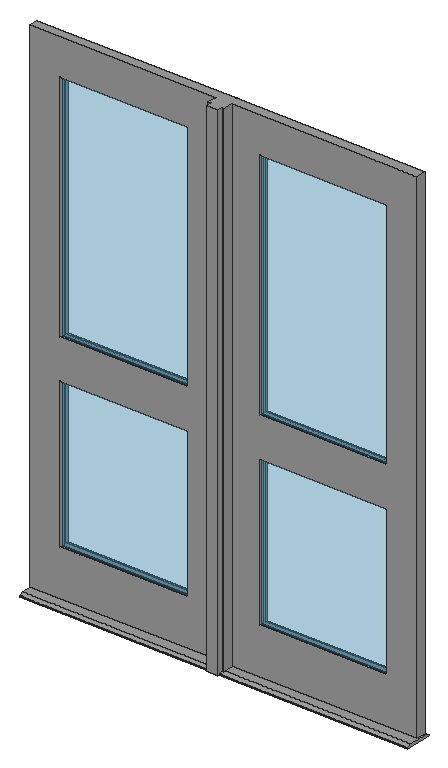
Revit family "PFM DOOR-Double-1-CHD-SF_v02", category Curtain Panels, Revit 2015
Parameters
  Width [instance] = 6' - 2"
  URL = "obe.com"
  Rough Width [instance] = 6' - 2"
  Offset [instance] = 0' - 0"
  Model = "PFM DOOR"
  Min Panel Width [instance] = if(Rough Width > 6' 1 255/256", Rough Width, 6' 2")  # 6' - 2"
  Manufacturer = "Oldcastle BuildingEnvelope®"
  Keynote = "08 11 00"
  Hinge [instance] = yes
  Height [instance] = 8' - 0"
  Glass Material = Glass
  Frame Material = Aluminum
  Door Panel Height [instance] = Height + 0' 0 1/8"  # 8' - 0 1/8"
  Description = "PerforMax Wide Stile Entrances - 1\" Door Infill"
  Assembly Code = "B2030"
  Analytic Construction = "<None>"
  6 Bottom Rail [instance] = yes
  10 Bottom Rail [instance] = not([6 Bottom Rail])  # no
Reference planes (in)
  plane 1 "Front": y = 0
  plane 2: z = 0
  plane 3 "Center (Left/Right)": x = 0
  plane 4 "Left": x = -37
  plane 5 "Right": x = 37
  plane 6 "Top": z = 96
  plane 7: x = -37
  plane 8: x = 37
Text (in)
  text "Exterior" at (-54.29358, 31.38743, 0), in view "Ref. Level"
  text "Exterior" at (480, 41.53993, 89.60405), in view "Right"
  text "Exterior" at (-240, 57.82419, 105.78864), in view "Left"
Dimensions and locks (in)
  equal spacing: plane 4 "Left", plane 3 "Center (Left/Right)", plane 5 "Right"
  "Width": plane 4 "Left" to plane 5 "Right"
  "Height": plane 6 "Top" to plane 2
  equal spacing: plane 7, plane 3 "Center (Left/Right)", plane 8
  "Min Panel Width": plane 7 to plane 8
  aligned and locked: level to plane 2
  aligned and locked: plane 3 "Center (Left/Right)" to nested 1
  aligned and locked: plane 1 "Front" to nested 1
Nested families (in)
  nested 1: "PFM DOOR-Double-1-CHD-Panel_v02" at (0, -18, 0), Frame Material <- "Frame Material", Glass Material <- "Glass Material", Hinge <- "Hinge", 6 Bottom Rail <- "6 Bottom Rail", Height <- "Door Panel Height", Width <- "Min Panel Width", Offset <- "Offset", type "PFM DOOR-Double-1-CHD-Panel_v02"
    with Wing Width 3' - 1", built-in parameter 1001301 6' - 2", Pushbar Height 3' - 5 1/4", Offset 0' - 0", Hinge yes, built-in parameter 1001300 8' - 0 1/8", Glass Material Glass, Frame Material Aluminum, Bottom Rail 0' - 8 29/32", 6 Bottom Rail yes, 10 Bottom Rail no
Definition of nested family "PFM DOOR-Double-1-CHD-Panel_v02"
  Parameters (values of type "PFM DOOR-Double-1-CHD-Panel_v02")
    Wing Width [instance] = Width / 2  # 3' - 0"
    Width [instance] = 6' - 0"
    Pushbar Height [instance] = 3' - 5 1/4"  # constant formula
    Offset [instance] = 0' - 3"
    Hinge [instance] = yes
    Height [instance] = 8' - 0"
    Glass Material [instance] = none
    Frame Material [instance] = none
    Bottom Rail [instance] = if([10 Bottom Rail], 0' 10 29/32", 0' 8 29/32")  # 0' - 8 29/32"
    Analytic Construction = "<None>"
    6 Bottom Rail [instance] = yes
    10 Bottom Rail [instance] = not([6 Bottom Rail])  # no
  Reference planes (in)
    plane 1 "00": y = 14.03125
    plane 2: z = 0
    plane 3 "Center (Left/Right)": x = 0
    plane 4: z = 96
    plane 5: x = -36
    plane 6: x = 36
    plane 7 "Center (Front/Back)": y = 18
    plane 8 "Exterior": y = 14.53125
    plane 9: z = 48
    plane 10: z = 8.90625
    plane 11: z = 89.531
    plane 12: z = 0
    plane 13: x = -30.4065
    plane 14: x = 30.4065
    plane 15 "Offset": y = 15
    plane 16: z = 41.25
    plane 17: z = 37.9685
    plane 18: z = 44.5315
  Forms (in)
    Sweep 1, solid, material <- "Frame Material"
      path origin (0, 14.03125, 0) x (1, 0, 0) y (0, 0, 1)
        loop
          line (-35.6875, 96) -> (-1, 96)
      profile origin (-18.34375, 14.03125, 96) x (0, 0, 1) y (0, -1, 0)
        loop
          line (-0.125, -0.875) -> (-0.125, 0.875) -> (-6.875, 0.875) -> (-6.875, 0.5) -> (-6.469, 0.5) -> (-6.469, -0.5) -> (-6.875, -0.5) -> (-6.875, -0.875) -> (-0.125, -0.875)
    Sweep 2, solid, material <- "Frame Material"
      path origin (0, 14.03125, 0) x (1, 0, 0) y (0, 0, 1)
        loop
          line (-1, 0) -> (-35.6875, 0)
      profile origin (-18.34375, 14.03125, 0) x (0, 0, -1) y (0, -1, 0)
        loop
          line (-4.93343, -0.875) -> (-0.6875, -0.875) -> (-0.6875, 0.875) -> (-4.93343, 0.875) -> (-9.4375, 0.875) -> (-9.4375, 0.5) -> (-8.90625, 0.5) -> (-8.90625, -0.5) -> (-9.4375, -0.5) -> (-9.4375, -0.875) -> (-4.93343, -0.875)
    Sweep 3, solid, material <- "Frame Material"
      path origin (0, 14.03125, 0) x (1, 0, 0) y (0, 0, 1)
        loop
          line (36, 95.875) -> (36, 0.6875)
      profile origin (36, 14.03125, 48.28125) x (0, -1, 0) y (1, 0, 0)
        loop
          line (-0.875, -0.3125) -> (-0.875, -6.0625) -> (-0.5, -6.0625) -> (-0.5, -5.5935) -> (0.5, -5.5935) -> (0.5, -6.0625) -> (0.875, -6.0625) -> (0.875, -0.3125) -> (-0.875, -0.3125)
    Sweep 4, solid, material <- "Frame Material"
      path origin (0, 14.03125, 0) x (1, 0, 0) y (0, 0, 1)
        loop
          line (-36, 95.875) -> (-36, 0.6875)
      profile origin (-36, 14.03125, 48.28125) x (0, -1, 0) y (1, 0, 0)
        loop
          line (-0.875, 6.0625) -> (-0.875, 0.3125) -> (0.875, 0.3125) -> (0.875, 6.0625) -> (0.5, 6.0625) -> (0.5, 5.5935) -> (-0.5, 5.5935) -> (-0.5, 6.0625) -> (-0.875, 6.0625)
    Sweep 5, solid, material <- "Frame Material"
      path origin (0, 14.03125, 0) x (1, 0, 0) y (0, 0, 1)
        loop
          line (0, 95.875) -> (0, 0.6875)
      profile origin (0, 14.03125, 48.28125) x (0, -1, 0) y (1, 0, 0)
        loop
          line (-0.875, -6.84375) -> (-0.5, -6.84375) -> (-0.5, -6.37475) -> (0.5, -6.37475) -> (0.5, -6.84375) -> (0.875, -6.84375) -> (0.875, -1) -> (-0.875, -1) -> (-0.875, -6.84375)
        loop
          line (0.875, 6.84375) -> (0.50073, 6.84375) -> (0.50073, 6.37475) -> (-0.49927, 6.37475) -> (-0.49927, 6.84375) -> (-0.875, 6.84375) -> (-0.875, 1) -> (0.875, 1) -> (0.875, 6.84375)
    Sweep 6, solid, material <- "Frame Material"
      path origin (0, 14.03125, 0) x (1, 0, 0) y (0, 0, 1)
        loop
          line (1, 96) -> (35.6875, 96)
      profile origin (18.34375, 14.03125, 96) x (0, 0, 1) y (0, -1, 0)
        loop
          line (-0.125, -0.875) -> (-0.125, 0.875) -> (-6.875, 0.875) -> (-6.875, 0.5) -> (-6.469, 0.5) -> (-6.469, -0.5) -> (-6.875, -0.5) -> (-6.875, -0.875) -> (-0.125, -0.875)
    Sweep 7, solid, material <- "Frame Material"
      path origin (0, 14.03125, 0) x (1, 0, 0) y (0, 0, 1)
        loop
          line (35.6875, 0) -> (1, 0)
      profile origin (18.34375, 14.03125, 0) x (0, 0, -1) y (0, -1, 0)
        loop
          line (-3.49593, -0.875) -> (-0.6875, -0.875) -> (-0.6875, 0.875) -> (-9.4375, 0.875) -> (-9.4375, 0.5) -> (-8.90625, 0.5) -> (-8.90625, -0.5) -> (-9.4375, -0.5) -> (-9.4375, -0.875) -> (-3.49593, -0.875)
    Extrusion 8, solid, material <- "Glass Material", detail levels medium+fine
      sketch origin (0, 0, 0) x (1, 0, 0) y (0, 1, 0)
        loop
          line (6.37475, 14.53125) -> (6.37475, 14.28325) -> (30.4065, 14.28325) -> (30.4065, 14.53125) -> (6.37475, 14.53125)
        loop
          line (30.4065, 13.53125) -> (30.4065, 13.77925) -> (6.37475, 13.77925) -> (6.37475, 13.53125) -> (30.4065, 13.53125)
      from 8.90625 to 37.9685
    Extrusion 9, solid, material <- "Glass Material", detail levels coarse
      sketch origin (0, 0, 0) x (1, 0, 0) y (0, 1, 0)
        loop
          line (6.37475, 14.53125) -> (6.37475, 13.53125) -> (30.4065, 13.53125) -> (30.4065, 14.53125) -> (6.37475, 14.53125)
      from 8.90625 to 37.9685
    Extrusion 10, solid, material <- "Glass Material", detail levels coarse
      sketch origin (0, 0, 0) x (1, 0, 0) y (0, 1, 0)
        loop
          line (-30.4065, 14.53125) -> (-30.4065, 13.53125) -> (-6.37475, 13.53125) -> (-6.37475, 14.53125) -> (-30.4065, 14.53125)
      from 8.90625 to 37.9685
    Extrusion 11, solid, material <- "Glass Material", detail levels medium+fine
      sketch origin (0, 0, 0) x (1, 0, 0) y (0, 1, 0)
        loop
          line (-30.4065, 14.53125) -> (-30.4065, 14.28325) -> (-6.37475, 14.28325) -> (-6.37475, 14.53125) -> (-30.4065, 14.53125)
        loop
          line (-30.4065, 13.77925) -> (-30.4065, 13.53125) -> (-6.37475, 13.53125) -> (-6.37475, 13.77925) -> (-30.4065, 13.77925)
      from 8.90625 to 37.9685
    Sweep 12, solid, material <- "Frame Material"
      path origin (0, 14.03125, 0) x (1, 0, 0) y (0, 0, 1)
        loop
          line (0, 95.875) -> (0, 0)
      profile origin (0, 14.03125, 47.9375) x (0, -1, 0) y (1, 0, 0)
        loop
          line (-1, -1) -> (0.875, -1) -> (0.875, -1.5) -> (2.641, -1.5) -> (2.641, -1) -> (3.54714, -1) -> (3.54714, 1) -> (2.641, 1) -> (2.641, 1.5) -> (0.875, 1.5) -> (0.875, 1) -> (-1, 1) -> (-1, -1)
    Extrusion 13, solid, material <- "Glass Material", detail levels medium+fine
      sketch origin (0, -2.5, 0) x (1, 0, 0) y (0, 1, 0)
        loop
          line (-30.4065, 16.27925) -> (-30.4065, 16.03125) -> (-6.37475, 16.03125) -> (-6.37475, 16.27925) -> (-30.4065, 16.27925)
        loop
          line (-30.4065, 17.03125) -> (-30.4065, 16.78325) -> (-6.37475, 16.78325) -> (-6.37475, 17.03125) -> (-30.4065, 17.03125)
      from 44.5315 to 89.531
    Extrusion 14, solid, material <- "Glass Material", detail levels coarse
      sketch origin (0, -6.5, 0) x (1, 0, 0) y (0, 1, 0)
        loop
          line (-30.4065, 20.03125) -> (-6.37475, 20.03125) -> (-6.37475, 21.03125) -> (-30.4065, 21.03125) -> (-30.4065, 20.03125)
      from 44.5315 to 89.531
    Extrusion 15, solid, material <- "Glass Material", detail levels medium+fine
      sketch origin (38, -2.5, 0) x (1, 0, 0) y (0, 1, 0)
        loop
          line (-31.62525, 16.27925) -> (-31.62525, 16.03125) -> (-7.5935, 16.03125) -> (-7.5935, 16.27925) -> (-31.62525, 16.27925)
        loop
          line (-31.62525, 17.03125) -> (-31.62525, 16.78325) -> (-7.5935, 16.78325) -> (-7.5935, 17.03125) -> (-31.62525, 17.03125)
      from 44.5315 to 89.531
    Extrusion 16, solid, material <- "Glass Material", detail levels coarse
      sketch origin (38, -6.5, 0) x (1, 0, 0) y (0, 1, 0)
        loop
          line (-31.62525, 21.03125) -> (-31.62525, 20.03125) -> (-7.5935, 20.03125) -> (-7.5935, 21.03125) -> (-31.62525, 21.03125)
      from 44.5315 to 89.531
    Sweep 17, solid, material <- "Frame Material"
      path origin (0, 14.03125, 0) x (1, 0, 0) y (0, 0, 1)
        loop
          line (-30.4065, 41.25) -> (-1.5, 41.25)
      profile origin (-15.95325, 14.03125, 41.25) x (0, 0, 1) y (0, -1, 0)
        loop
          line (3.2815, -0.5) -> (3.2815, 0.5) -> (3.8125, 0.5) -> (3.8125, 0.875) -> (-3.6875, 0.875) -> (-3.6875, 0.5) -> (-3.2815, 0.5) -> (-3.2815, -0.5) -> (-3.6875, -0.5) -> (-3.6875, -0.875) -> (3.8125, -0.875) -> (3.8125, -0.5) -> (3.2815, -0.5)
    Sweep 18, solid, material <- "Frame Material"
      path origin (48, 14.03125, 0) x (1, 0, 0) y (0, 0, 1)
        loop
          line (-46.5, 41.25) -> (-17.5935, 41.25)
      profile origin (15.95325, 14.03125, 41.25) x (0, 0, 1) y (0, -1, 0)
        loop
          line (3.2815, -0.5) -> (3.2815, 0.5) -> (3.8125, 0.5) -> (3.8125, 0.875) -> (-3.6875, 0.875) -> (-3.6875, 0.5) -> (-3.2815, 0.5) -> (-3.2815, -0.5) -> (-3.6875, -0.5) -> (-3.6875, -0.875) -> (3.8125, -0.875) -> (3.8125, -0.5) -> (3.2815, -0.5)
    Sweep 19, solid, material <- "Frame Material"
      path origin (0, 15, 0) x (1, 0, 0) y (0, 0, 1)
        loop
          line (35.6875, 0) -> (1, 0)
      profile origin (18.34375, 15, 0) x (0, 0, -1) y (0, -1, 0)
        loop
          line (-0.5, -0.09375) -> (-0.13357, -0.82661)
          arc (-0.13357, -0.82661) -> (-0.12214, -0.83912) -> (-0.10584, -0.84375) r 0.031
          line (-0.10584, -0.84375) -> (0, -0.84375) -> (0, 4.15625) -> (-0.10584, 4.15625)
          arc (-0.10584, 4.15625) -> (-0.12214, 4.15162) -> (-0.13357, 4.13911) r 0.031
          line (-0.13357, 4.13911) -> (-0.5, 3.40625) -> (-0.5, -0.09375)
    Sweep 20, solid, material <- "Frame Material"
      path origin (0, 15, 0) x (1, 0, 0) y (0, 0, 1)
        loop
          line (-1, 0) -> (-35.6875, 0)
      profile origin (-18.34375, 15, 0) x (0, 0, -1) y (0, -1, 0)
        loop
          line (-0.5, -0.09375) -> (-0.13357, -0.82661)
          arc (-0.13357, -0.82661) -> (-0.12214, -0.83912) -> (-0.10584, -0.84375) r 0.031
          line (-0.10584, -0.84375) -> (0, -0.84375) -> (0, 4.15625) -> (-0.10584, 4.15625)
          arc (-0.10584, 4.15625) -> (-0.12214, 4.15162) -> (-0.13357, 4.13911) r 0.031
          line (-0.13357, 4.13911) -> (-0.5, 3.40625) -> (-0.5, -0.09375)
  Cuts and joins
    joined: Sweep 1, Sweep 2, Sweep 3, Sweep 4, Sweep 5, Sweep 6, Sweep 7, Sweep 12, Sweep 17, Sweep 18, Sweep 19, Sweep 20
  Lines and regions (in)
    model lines
      curve 1: line (5.15641, 14.53125, 89.531) -> (29.969, 14.53125, 48.02216)
      curve 2: line (29.969, 14.53125, 48.02216) -> (5.15641, 14.53125, 8.90625)
      curve 3: line (-5.15965, 14.53125, 89.531) -> (-29.969, 14.53125, 48)
      curve 4: line (-29.969, 14.53125, 48) -> (-5.15965, 14.53125, 8.90625)
  Dimensions and locks (in)
    "Height": plane 4 to level
    equal spacing: plane 5, plane 3 "Center (Left/Right)", plane 6
    "Offset": plane 15 "Offset" to plane 7 "Center (Front/Back)"
    equal spacing: level, plane 9, plane 4
    locked: plane 3 "Center (Left/Right)" to Sweep 2 sketch curve at 1
    locked: Sweep 3 sketch curve to plane 4 at 0.125
    locked: Sweep 4 sketch curve to plane 4 at 0.125
    locked: plane 3 "Center (Left/Right)" to Sweep 1 sketch curve at 1
    locked: Sweep 6 sketch curve to plane 3 "Center (Left/Right)" at 1
    locked: Sweep 5 sketch curve to plane 4 at 0.125
    locked: Sweep 7 sketch curve to plane 10 at 0.53125  (x2)
    locked: Sweep 2 sketch curve to plane 10 at 0.53125  (x2)
    equal spacing: plane 4, plane 9, plane 12
    locked: plane 4 to plane 11 at 6.469
    Extrusion 11 sketch curve to Extrusion 11 sketch curve to plane 1 "00" to Extrusion 11 sketch curve to Extrusion 11 sketch curve = 0' - 0.248" locked, 0' - 0.252" locked, 0' - 0.252" locked, 0' - 0.248" locked
    Extrusion 10 sketch curve to plane 1 "00" to Extrusion 10 sketch curve = 0' - 0 1/2" locked, 0' - 0 1/2" locked
    Extrusion 9 sketch curve to plane 1 "00" to Extrusion 9 sketch curve = 0' - 0 1/2" locked, 0' - 0 1/2" locked
    Extrusion 8 sketch curve to Extrusion 8 sketch curve to plane 1 "00" to Extrusion 8 sketch curve to Extrusion 8 sketch curve = 0' - 0.248" locked, 0' - 0.252" locked, 0' - 0.252" locked, 0' - 0.248" locked
    "Bottom Rail": plane 10 to plane 12
    plane 3 "Center (Left/Right)" to Extrusion 8 sketch curve = 0' - 6.37475"  (x2)
    "Width": plane 5 to plane 6
    locked: plane 6 to Sweep 7 sketch curve at 0.3125
    locked: Sweep 2 sketch curve to plane 5 at 0.3125
    locked: Sweep 7 sketch curve to plane 3 "Center (Left/Right)" at 1
    locked: plane 14 to plane 6 at 5.5935
    locked: plane 5 to plane 13 at 5.5935
    locked: plane 4 to Sweep 12 sketch curve at 0.125
    locked: Sweep 1 sketch curve to plane 5 at 0.3125
    locked: plane 6 to Sweep 6 sketch curve at 0.3125
    locked: plane 11 to Sweep 1 sketch curve at 0.406  (x2)
    equal spacing: plane 18, plane 16, plane 17
    locked: plane 18 to plane 17 at 6.563
    "Pushbar Height": plane 16 to plane 12
    Extrusion 14 sketch curve to plane 1 "00" to Extrusion 14 sketch curve = 0' - 0 1/2" locked, 0' - 0 1/2" locked
    plane 1 "00" to plane 8 "Exterior" to plane 15 "Offset" = 0' - 0 1/2" locked, 0' - 0 15/32" locked
    locked: plane 3 "Center (Left/Right)" to Sweep 17 sketch curve at 1.5
    locked: Sweep 18 sketch curve to plane 3 "Center (Left/Right)" at 1.5
    locked: plane 6 to Sweep 19 sketch curve at 0.3125
    locked: Sweep 19 sketch curve to plane 3 "Center (Left/Right)" at 1
    locked: Sweep 20 sketch curve to plane 5 at 0.3125
    locked: plane 3 "Center (Left/Right)" to Sweep 20 sketch curve at 1
    locked: plane 12 to Sweep 4 sketch curve at 0.6875
    locked: plane 12 to Sweep 5 sketch curve at 0.6875
    locked: plane 12 to Sweep 3 sketch curve at 0.6875
    aligned and locked: plane 2 to level
    aligned and locked: plane 3 "Center (Left/Right)" to nested 1
    aligned and locked: Sweep 1 sketch curve to plane 4
    aligned and locked: Sweep 2 sketch curve to level
    aligned and locked: level to nested 2
    aligned and locked: nested 2 to plane 1 "00"
    aligned and locked: plane 3 "Center (Left/Right)" to Sweep 5 sketch curve
    aligned and locked: Sweep 7 sketch curve to level
    aligned and locked: plane 4 to Sweep 6 sketch curve
    aligned and locked: Sweep 6 sketch curve to plane 11
    aligned and locked: plane 10 to Sweep 2 sketch curve
    aligned and locked: Sweep 1 sketch curve to plane 11
    aligned and locked: plane 9 to curve 4
    aligned and locked: Extrusion 8 to plane 10
    aligned and locked: Extrusion 9 to plane 10
    aligned and locked: Sweep 4 sketch curve to plane 5
    aligned and locked: Sweep 3 sketch curve to plane 6
    aligned and locked: plane 14 to Extrusion 9
    aligned and locked: plane 14 to Extrusion 8  (x2)
    aligned and locked: Sweep 12 sketch curve to plane 3 "Center (Left/Right)"
    aligned and locked: plane 12 to Sweep 12 sketch curve
    aligned and locked: Extrusion 10 to plane 10
    aligned and locked: Extrusion 11 to plane 10
    aligned and locked: Extrusion 11 to plane 13
    aligned and locked: Extrusion 10 to plane 13
    aligned and locked: plane 1 "00" to nested 1
    aligned and locked: plane 17 to Extrusion 10
    aligned and locked: plane 17 to Extrusion 11
    aligned and locked: plane 17 to Extrusion 9
    aligned and locked: plane 17 to Extrusion 8
    aligned and locked: Sweep 3 sketch curve to plane 14
    aligned and locked: Extrusion 13 to plane 18
    aligned and locked: Extrusion 14 to plane 18
    aligned and locked: plane 18 to nested 2
    aligned and locked: Extrusion 13 sketch curve to plane 13  (x2)
    aligned and locked: plane 14 to Extrusion 16 sketch curve
    aligned and locked: plane 14 to Extrusion 15 sketch curve  (x2)
    aligned and locked: Sweep 17 sketch curve to plane 18
    aligned and locked: plane 17 to Sweep 17 sketch curve
    aligned and locked: Sweep 17 sketch curve to plane 16
    aligned and locked: Sweep 18 sketch curve to plane 16
    aligned and locked: plane 11 to Extrusion 14
    aligned and locked: plane 11 to Extrusion 13
    aligned and locked: plane 11 to Extrusion 16
    aligned and locked: plane 11 to Extrusion 15
    aligned and locked: plane 14 to Sweep 18 sketch curve
    aligned and locked: plane 13 to Sweep 17 sketch curve
    aligned and locked: Sweep 19 sketch curve to plane 12
    aligned and locked: Sweep 20 sketch curve to plane 12
  Automatic sketch dimensions
    profile plane to Sweep 1 sketch curve = 0' - 0 1/8"
    Sweep 1 sketch curve to plane 1 "00" = 0' - 0 7/8"
    Sweep 1 sketch curve to Sweep 1 sketch curve = 0' - 0 3/8"
    plane 1 "00" to Sweep 1 sketch curve = 0' - 0 1/2"
    plane 1 "00" to Sweep 1 sketch curve = 0' - 0 7/8"
    Sweep 2 sketch curve to plane 1 "00" = 0' - 0 7/8"
    Sweep 2 sketch curve to Sweep 2 sketch curve = 0' - 3.97282"
    Sweep 2 sketch curve to Sweep 2 sketch curve = 0' - 0"
    Sweep 2 sketch curve to plane 1 "00" = 0' - 0 1/2"
    plane 1 "00" to Sweep 2 sketch curve = 0' - 0 1/2"
    Sweep 2 sketch curve to Sweep 2 sketch curve = 0' - 0 3/8"
    Sweep 5 sketch curve to plane 1 "00" = 0' - 0 7/8"  (x2)
    Sweep 5 sketch curve to Sweep 5 sketch curve = 0' - 0 3/8"
    Sweep 5 sketch curve to plane 1 "00" = 0' - 0.49927"
    plane 1 "00" to Sweep 5 sketch curve = 0' - 0 1/2"
    plane 1 "00" to Sweep 5 sketch curve = 0' - 0.50073"
    Sweep 5 sketch curve to Sweep 5 sketch curve = 0' - 0.37427"
    plane 1 "00" to Sweep 5 sketch curve = 0' - 0 7/8"
    profile plane to Sweep 5 sketch curve = 0' - 6 27/32"
    Sweep 5 sketch curve to Sweep 5 sketch curve = 0' - 0"
    Sweep 5 sketch curve to Sweep 5 sketch curve = 0' - 0.469"  (x3)
    profile plane to Sweep 5 sketch curve = 0' - 1"
    Sweep 5 sketch curve to profile plane = 0' - 1"
    Sweep 5 sketch curve to Sweep 5 sketch curve = 0' - 5.37475"
    Sweep 6 sketch curve to Sweep 6 sketch curve = 0' - 0.406"  (x2)
    profile plane to Sweep 6 sketch curve = 0' - 0 1/8"
    Sweep 6 sketch curve to plane 1 "00" = 0' - 0 7/8"
    Sweep 6 sketch curve to Sweep 6 sketch curve = 0' - 0 3/8"
    plane 1 "00" to Sweep 6 sketch curve = 0' - 0 1/2"
    plane 1 "00" to Sweep 6 sketch curve = 0' - 0 7/8"
    Sweep 7 sketch curve to Sweep 7 sketch curve = 0' - 0 17/32"
    Sweep 7 sketch curve to plane 1 "00" = 0' - 0 7/8"
    profile plane to Sweep 7 sketch curve = 0' - 3.49593"
    Sweep 7 sketch curve to plane 1 "00" = 0' - 0 1/2"
    plane 1 "00" to Sweep 7 sketch curve = 0' - 0 1/2"
    Sweep 7 sketch curve to Sweep 7 sketch curve = 0' - 0 3/8"
    Extrusion 8 sketch curve to plane 14 = 0' - 0"  (x2)
    Extrusion 9 sketch curve to plane 14 = 0' - 0"
    plane 3 "Center (Left/Right)" to Extrusion 9 sketch curve = 0' - 6.37475"
    Extrusion 10 sketch curve to plane 13 = 0' - 0"
    Extrusion 10 sketch curve to plane 3 "Center (Left/Right)" = 0' - 6.37475"
    Extrusion 11 sketch curve to plane 13 = 0' - 0"  (x2)
    Extrusion 11 sketch curve to plane 3 "Center (Left/Right)" = 0' - 6.37475"
    Extrusion 11 sketch curve to Extrusion 11 sketch curve = 0' - 0"
    curve 3 to plane 11 = 0' - 0"
    curve 4 to plane 10 = 0' - 0"
    curve 2 to plane 10 = 0' - 0"
    curve 1 to plane 11 = 0' - 0"
    plane 13 to curve 4 = 0' - 0 7/16"
    plane 9 to curve 2 = 0' - 0.02216"
    curve 2 to plane 14 = 0' - 0 7/16"
    curve 3 to plane 3 "Center (Left/Right)" = 0' - 5.15965"
    curve 4 to plane 3 "Center (Left/Right)" = 0' - 5.15965"
    plane 3 "Center (Left/Right)" to curve 2 = 0' - 5.15641"
    plane 3 "Center (Left/Right)" to curve 1 = 0' - 5.15641"
    Sweep 12 sketch curve to plane 1 "00" = 0' - 1"
    plane 1 "00" to Sweep 12 sketch curve = 0' - 0 7/8"  (x2)
    Sweep 12 sketch curve to Sweep 12 sketch curve = 0' - 1.766"  (x2)
    Sweep 12 sketch curve to Sweep 12 sketch curve = 0' - 0.90614"
    profile plane to Sweep 12 sketch curve = 0' - 1 1/2"
    Sweep 12 sketch curve to Sweep 12 sketch curve = 0' - 0 1/2"  (x3)
    Sweep 12 sketch curve to profile plane = 0' - 1"  (x2)
    plane 8 "Exterior" to Extrusion 13 sketch curve = 0' - 0"
    plane 1 "00" to Extrusion 13 sketch curve = 0' - 0.252"
    Extrusion 13 sketch curve to plane 3 "Center (Left/Right)" = 0' - 6.37475"
    plane 8 "Exterior" to Extrusion 13 sketch curve = 0' - 0.248"
    Extrusion 13 sketch curve to Extrusion 13 sketch curve = 0' - 0"
    Extrusion 13 sketch curve to Extrusion 13 sketch curve = 0' - 0.248"
    Extrusion 14 sketch curve to plane 13 = 0' - 0"
    Extrusion 14 sketch curve to plane 3 "Center (Left/Right)" = 0' - 6.37475"
    plane 8 "Exterior" to Extrusion 15 sketch curve = 0' - 0"
    plane 3 "Center (Left/Right)" to Extrusion 15 sketch curve = 0' - 6.37475"
    plane 1 "00" to Extrusion 15 sketch curve = 0' - 0.252"
    Extrusion 15 sketch curve to Extrusion 15 sketch curve = 0' - 0"
    Extrusion 15 sketch curve to Extrusion 15 sketch curve = 0' - 0.248"  (x2)
    plane 8 "Exterior" to Extrusion 16 sketch curve = 0' - 0"
    plane 3 "Center (Left/Right)" to Extrusion 16 sketch curve = 0' - 6.37475"
    plane 1 "00" to Extrusion 16 sketch curve = 0' - 0 1/2"
    Sweep 17 sketch curve to Sweep 17 sketch curve = 0' - 0.406"  (x2)
    Sweep 17 sketch curve to Sweep 17 sketch curve = 0' - 0.531"  (x2)
    Sweep 17 sketch curve to plane 1 "00" = 0' - 0 7/8"
    Sweep 17 sketch curve to Sweep 17 sketch curve = 0' - 0 3/8"  (x3)
    plane 1 "00" to Sweep 17 sketch curve = 0' - 0 1/2"  (x2)
    plane 1 "00" to Sweep 18 sketch curve = 0' - 0 7/8"
    profile plane to Sweep 18 sketch curve = 0' - 3 11/16"
    Sweep 18 sketch curve to Sweep 18 sketch curve = 0' - 0"
    Sweep 18 sketch curve to Sweep 18 sketch curve = 0' - 0.406"
    plane 1 "00" to Sweep 18 sketch curve = 0' - 0 1/2"
    Sweep 18 sketch curve to profile plane = 0' - 3.2815"
    Sweep 18 sketch curve to Sweep 18 sketch curve = 0' - 0.531"  (x2)
    Sweep 18 sketch curve to Sweep 18 sketch curve = 0' - 0 3/8"  (x2)
    Sweep 18 sketch curve to plane 1 "00" = 0' - 0 1/2"  (x2)
    profile plane to Sweep 3 sketch curve = 0' - 0 5/16"
    Sweep 3 sketch curve to plane 1 "00" = 0' - 0 7/8"
    Sweep 3 sketch curve to plane 1 "00" = 0' - 0 1/2"
    plane 1 "00" to Sweep 3 sketch curve = 0' - 0 1/2"
    plane 1 "00" to Sweep 3 sketch curve = 0' - 0 7/8"
    Sweep 3 sketch curve to Sweep 3 sketch curve = 0' - 0.469"  (x2)
    Sweep 4 sketch curve to plane 1 "00" = 0' - 0 7/8"
    Sweep 4 sketch curve to Sweep 4 sketch curve = 0' - 0 3/8"  (x2)
    plane 1 "00" to Sweep 4 sketch curve = 0' - 0 1/2"
    Sweep 4 sketch curve to profile plane = 0' - 0 5/16"
    Sweep 4 sketch curve to Sweep 4 sketch curve = 0' - 5.281"
    Sweep 4 sketch curve to Sweep 4 sketch curve = 0' - 0.469"  (x2)
    Sweep 17 sketch curve to plane 13 = 0' - 0"
    profile plane to Sweep 2 sketch curve = 0' - 0 11/16"
    profile plane to Sweep 7 sketch curve = 0' - 0 11/16"
    Sweep 19 sketch curve to plane 15 "Offset" = 0' - 0 3/32"
    profile plane to Sweep 19 sketch curve = 0' - 0 1/2"
    profile plane to Sweep 19 sketch curve = 0' - 0.13357"  (x2)
    Sweep 19 sketch curve to Sweep 19 sketch curve = 0' - 0.73286"  (x2)
    plane 15 "Offset" to Sweep 19 sketch curve = 0' - 3 13/32"
    Sweep 19 sketch curve to Sweep 19 sketch curve = 0' - 0.02773"  (x2)
    Sweep 19 sketch curve to Sweep 19 sketch curve = 0' - 0.01714"  (x2)
    Sweep 19 sketch curve to profile plane = 0' - 0"
    profile plane to Sweep 20 sketch curve = 0' - 0 1/2"
    plane 15 "Offset" to Sweep 20 sketch curve = 0' - 3 13/32"
    profile plane to Sweep 20 sketch curve = 0' - 0.13357"  (x2)
    Sweep 20 sketch curve to plane 15 "Offset" = 0' - 0 3/32"
    Sweep 20 sketch curve to Sweep 20 sketch curve = 0' - 0.73286"  (x2)
    Sweep 20 sketch curve to Sweep 20 sketch curve = 0' - 0.02773"  (x2)
    Sweep 20 sketch curve to Sweep 20 sketch curve = 0' - 0.01386"
    Sweep 20 sketch curve to profile plane = 0' - 0"
    Sweep 20 sketch curve to Sweep 20 sketch curve = 0' - 0.01714"
  Nested families (in)
    nested 1: "PFM DOOR-Double-1-CHD-Plan View" at (0, 14.03125, 0), Wing Width <- "Wing Width", Hinge <- "Hinge", type "PFM DOOR-Double-1-CHD-Plan View"
      with Wing Width 3' - 0", Width 6' - 0", Hinge yes
    nested 2: "PFM DOOR-Double-1-CHD-Section" at (0, 14.03125, 0) x (0, -1, 0) z (1, 0, 0), Height <- "Height", 6 Bottom Rail <- "6 Bottom Rail", type "PFM DOOR-Double-1-CHD-Section"
      with Pushbar Height 3' - 5 1/4", Height 8' - 0", Bottom Rail 0' - 8 29/32", 6 Bottom Rail yes, 10 Bottom Rail no
  Definition of nested family "PFM DOOR-Double-1-CHD-Plan View"
    Parameters (values of type "PFM DOOR-Double-1-CHD-Plan View")
      Wing Width [instance] = 3' - 0"
      Width [instance] = Wing Width * 2  # 6' - 0"
      Hinge [instance] = yes
    Reference planes (in)
      plane 1 "Center (Front/Back)": y = 0
      plane 2: z = 0
      plane 3 "Center (Left/Right)": x = 0
      plane 4: x = -36
      plane 5: x = 36
      plane 6: x = -34.57445
      plane 7: x = 34.57445
      plane 8: y = 36
      plane 9: y = 29.62525
    Lines and regions (in)
      detail lines, in view "Ref. Level"
        curve 1: line (-35.07447, 29.62525, 0) -> (-35.07447, 6.79079, 0)
        curve 10: line (-34.07447, 29.62525, 0) -> (-34.07447, 6.79079, 0)
        curve 19: line (34.07445, 29.62525, 0) -> (34.07445, 7.01455, 0)
        curve 28: line (35.07445, 29.62525, 0) -> (35.07445, 7.01455, 0)
        curve 29: arc (-1.09375, 0.875, 0) -> (-11.4248, 24.80467, 0) -> (-35.44945, 34.91287, 0) r 34.91722
        curve 30: arc (1.09375, 0.875, 0) -> (11.30344, 24.68384, 0) -> (35.10702, 34.90579, 0) r 34.91722
      detail lines, in view "Ref. Level", detail levels fine
        curve 2: line (-35.01247, 29.62525, 0) -> (-35.01247, 6.79079, 0)
        curve 3: line (-34.95047, 29.62525, 0) -> (-34.95047, 6.79079, 0)
        curve 4: line (-34.88847, 29.62525, 0) -> (-34.88847, 6.79079, 0)
        curve 7: line (-34.26047, 29.62525, 0) -> (-34.26047, 6.79079, 0)
        curve 8: line (-34.19847, 29.62525, 0) -> (-34.19847, 6.79079, 0)
        curve 9: line (-34.13647, 29.62525, 0) -> (-34.13647, 6.79079, 0)
        curve 20: line (34.13645, 29.62525, 0) -> (34.13645, 7.01455, 0)
        curve 21: line (34.19845, 29.62525, 0) -> (34.19845, 7.01455, 0)
        curve 22: line (34.26045, 29.62525, 0) -> (34.26045, 7.01455, 0)
        curve 25: line (34.88845, 29.62525, 0) -> (34.88845, 7.01455, 0)
        curve 26: line (34.95045, 29.62525, 0) -> (34.95045, 7.01455, 0)
        curve 27: line (35.01245, 29.62525, 0) -> (35.01245, 7.01455, 0)
      detail lines, in view "Ref. Level", detail levels medium+fine
        curve 5: line (-34.82647, 29.62525, 0) -> (-34.82647, 6.79079, 0)
        curve 6: line (-34.32247, 29.62525, 0) -> (-34.32247, 6.79079, 0)
        curve 23: line (34.32245, 29.62525, 0) -> (34.32245, 7.01455, 0)
        curve 24: line (34.82645, 29.62525, 0) -> (34.82645, 7.01455, 0)
      detail lines, in view "Ref. Level", not visible
        curve 11: line (-30.87803, 0.5, 0) -> (-6.37475, 0.5, 0)
        curve 12: line (-30.87803, -0.252, 0) -> (-6.37475, -0.252, 0)
        curve 13: line (-30.87803, -0.5, 0) -> (-6.37475, -0.5, 0)
        curve 14: line (-30.87803, 0.252, 0) -> (-6.37475, 0.252, 0)
        curve 15: line (6.37475, 0.5, 0) -> (30.87803, 0.5, 0)
        curve 16: line (30.87803, 0.252, 0) -> (6.37475, 0.252, 0)
        curve 17: line (6.37475, -0.252, 0) -> (30.87803, -0.252, 0)
        curve 18: line (30.87803, -0.5, 0) -> (6.37475, -0.5, 0)
    Dimensions and locks (in)
      equal spacing: plane 4, plane 3 "Center (Left/Right)", plane 5
      "Width": plane 4 to plane 5
      "Wing Width": plane 1 "Center (Front/Back)" to plane 8
      locked: plane 9 to plane 8 at 6.37475
      plane 7 to plane 5 to nested 8 to nested 11 = 0' - 1.42555" locked, 0' - 0 25/32" locked, 0' - 1 15/32" locked
      nested 10 to nested 1 to plane 4 to plane 6 = 0' - 1 15/32" locked, 0' - 0 25/32" locked, 0' - 1.42555" locked
      plane 1 "Center (Front/Back)" to nested 10 to nested 2 = 0' - 0.05995" locked, 0' - 0.3561" locked
      plane 1 "Center (Front/Back)" to nested 11 to nested 9 = 0' - 0.05995" locked, 0' - 0.35592" locked
      aligned and locked: plane 1 "Center (Front/Back)" to nested 1
      aligned and locked: nested 3 to plane 3 "Center (Left/Right)"
      aligned and locked: plane 1 "Center (Front/Back)" to nested 3
      aligned and locked: plane 1 "Center (Front/Back)" to nested 5
      aligned and locked: plane 1 "Center (Front/Back)" to nested 4
      aligned and locked: nested 6 to plane 6
      aligned and locked: plane 7 to nested 7
      aligned and locked: plane 6 to nested 2
      aligned and locked: plane 8 to nested 6
      aligned and locked: nested 4 to plane 3 "Center (Left/Right)"
      aligned and locked: nested 5 to plane 3 "Center (Left/Right)"
      aligned and locked: nested 7 to plane 8
      aligned and locked: nested 9 to plane 7
    Automatic sketch dimensions
      plane 1 "Center (Front/Back)" to curve 29 = 0' - 0"
      curve 29 to plane 4 = 0' - 0"
      plane 9 to curve 1 = 0' - 0"
      plane 9 to curve 2 = 0' - 0"
      plane 9 to curve 3 = 0' - 0"
      plane 9 to curve 4 = 0' - 0"
      plane 9 to curve 5 = 0' - 0"
      plane 9 to curve 6 = 0' - 0"
      plane 9 to curve 7 = 0' - 0"
      plane 9 to curve 8 = 0' - 0"
      plane 9 to curve 9 = 0' - 0"
      plane 9 to curve 10 = 0' - 0"
      plane 9 to curve 19 = 0' - 0"
      plane 9 to curve 20 = 0' - 0"
      plane 9 to curve 21 = 0' - 0"
      plane 9 to curve 22 = 0' - 0"
      plane 9 to curve 23 = 0' - 0"
      plane 9 to curve 24 = 0' - 0"
      plane 9 to curve 25 = 0' - 0"
      plane 9 to curve 26 = 0' - 0"
      plane 9 to curve 27 = 0' - 0"
      plane 9 to curve 28 = 0' - 0"
      plane 1 "Center (Front/Back)" to curve 30 = 0' - 0"
      curve 30 to plane 5 = 0' - 0"
      plane 4 to curve 29 = 0' - 0.55055"
      plane 6 to curve 1 = 0' - 0 1/2"
      curve 1 to curve 2 = 0' - 0.062"
      curve 2 to curve 3 = 0' - 0.062"
      curve 3 to curve 4 = 0' - 0.062"
      curve 4 to curve 5 = 0' - 0.062"
      curve 6 to plane 6 = 0' - 0.25198"
      curve 6 to curve 7 = 0' - 0.062"
      curve 7 to curve 8 = 0' - 0.062"
      curve 8 to curve 9 = 0' - 0.062"
      curve 9 to curve 10 = 0' - 0.062"
      plane 1 "Center (Front/Back)" to curve 13 = 0' - 0 1/2"
      curve 13 to plane 6 = 0' - 3.69642"
      curve 11 to plane 1 "Center (Front/Back)" = 0' - 0 1/2"
      curve 11 to curve 13 = 0' - 0"
      curve 14 to curve 11 = 0' - 0"
      curve 12 to curve 13 = 0' - 0"
      plane 1 "Center (Front/Back)" to curve 12 = 0' - 0.252"
      curve 12 to plane 3 "Center (Left/Right)" = 0' - 6.37475"
      curve 13 to curve 12 = 0' - 0"
      curve 14 to plane 1 "Center (Front/Back)" = 0' - 0.252"
      curve 14 to curve 12 = 0' - 0"
      curve 11 to curve 14 = 0' - 0"
      curve 29 to plane 3 "Center (Left/Right)" = 0' - 1 3/32"
      plane 3 "Center (Left/Right)" to curve 30 = 0' - 1 3/32"
      plane 1 "Center (Front/Back)" to curve 18 = 0' - 0 1/2"
      curve 30 to curve 18 = 0' - 5.281"
      curve 16 to plane 1 "Center (Front/Back)" = 0' - 0.252"
      curve 16 to curve 18 = 0' - 0"
      curve 15 to curve 16 = 0' - 0"  (x2)
      curve 17 to curve 18 = 0' - 0"  (x2)
      plane 7 to curve 18 = 0' - 3.69642"
      curve 16 to curve 17 = 0' - 0"
      plane 7 to curve 19 = 0' - 0 1/2"
      curve 19 to curve 20 = 0' - 0.062"
      curve 20 to curve 21 = 0' - 0.062"
      curve 21 to curve 22 = 0' - 0.062"
      curve 22 to curve 23 = 0' - 0.062"
      curve 24 to plane 7 = 0' - 0.252"
      curve 24 to curve 25 = 0' - 0.062"
      curve 25 to curve 26 = 0' - 0.062"
      curve 26 to curve 27 = 0' - 0.062"
      curve 27 to curve 28 = 0' - 0.062"
      curve 30 to plane 5 = 0' - 0.89298"
      curve 18 to curve 17 = 0' - 0.248"
      curve 16 to curve 15 = 0' - 0.248"
      curve 29 to plane 1 "Center (Front/Back)" = 0' - 0 7/8"
      curve 30 to plane 1 "Center (Front/Back)" = 0' - 0 7/8"
      curve 10 to plane 1 "Center (Front/Back)" = 0' - 6.79079"
      curve 10 to curve 6 = 0' - 0"
      curve 6 to curve 5 = 0' - 0"
      curve 5 to curve 1 = 0' - 0"
      curve 5 to curve 4 = 0' - 0"
      curve 28 to plane 1 "Center (Front/Back)" = 0' - 7.01455"
      curve 10 to curve 9 = 0' - 0"
      curve 27 to curve 28 = 0' - 0"
      curve 9 to curve 8 = 0' - 0"
      curve 26 to curve 27 = 0' - 0"
      curve 4 to curve 3 = 0' - 0"
      curve 7 to curve 6 = 0' - 0"
      curve 25 to curve 26 = 0' - 0"
      curve 24 to curve 25 = 0' - 0"
      curve 23 to curve 24 = 0' - 0"
      curve 22 to curve 23 = 0' - 0"
      curve 21 to curve 22 = 0' - 0"
      curve 19 to curve 21 = 0' - 0"
      curve 20 to curve 21 = 0' - 0"
      curve 1 to curve 2 = 0' - 0"
    Nested families (in)
      nested 1: "HINGE STILE-DI" at (-36.78125, 0, 0), type "HINGE STILE-DI", in view "Ref. Level", not visible
      nested 2: "HINGE STILE-DI" at (-34.57445, 0.41604, 0) x (0, 1, 0) z (0, 0, 1), type "HINGE STILE-DI", in view "Ref. Level"
      nested 3: "COMMON JAMB CENTER-DI" at (0, 0, 0), type "COMMON JAMB CENTER-DI", in view "Ref. Level"
      nested 4: "COMMON JAMB-R-DI" at (0, 0, 0), type "COMMON JAMB-R-DI", in view "Ref. Level", not visible
      nested 5: "COMMON JAMB-L-DI" at (0, 0, 0), type "COMMON JAMB-L-DI", in view "Ref. Level", not visible
      nested 6: "COMMON JAMB-R-DI" at (-34.57445, 36, 0) x (0, 1, 0) z (0, 0, 1), type "COMMON JAMB-R-DI", in view "Ref. Level"
      nested 7: "COMMON JAMB-L-DI" at (34.57445, 36, 0) x (0, -1, 0) z (0, 0, 1), type "COMMON JAMB-L-DI", in view "Ref. Level"
      nested 8: "HINGE STILE-DI" at (36.78125, 0, 0) x (-1, 0, 0) z (0, 0, 1), type "HINGE STILE-DI", in view "Ref. Level", not visible
      nested 9: "HINGE STILE-DI" at (34.57445, 0.41587, 0) x (0, 1, 0) z (0, 0, 1), type "HINGE STILE-DI", in view "Ref. Level"
      nested 10: "HINGE-DI" at (-38.25, 0.05995, 0), visible <- "Hinge", type "HINGE-DI", in view "Ref. Level"
      nested 11: "HINGE-DI" at (38.25, 0.05995, 0) x (-1, 0, 0) z (0, 0, 1), visible <- "Hinge", type "HINGE-DI", in view "Ref. Level"
    Definition of nested family "HINGE STILE-DI"
      Reference planes (in)
        plane 1 "Center (Front/Back)": y = 0
        plane 2: z = 0
        plane 3 "Center (Left/Right)": x = 0
      Lines and regions (in)
        detail lines, in view "Ref. Level"
          curve 1: line (1.09375, -0.875, 0) -> (6.84375, -0.875, 0)
          curve 2: line (6.84375, -0.875, 0) -> (6.84375, -0.5, 0)
          curve 3: line (6.84375, -0.5, 0) -> (6.37475, -0.5, 0)
          curve 4: line (6.37475, -0.5, 0) -> (6.37475, 0.5, 0)
          curve 5: line (6.37475, 0.5, 0) -> (6.84375, 0.5, 0)
          curve 6: line (6.84375, 0.5, 0) -> (6.84375, 0.875, 0)
          curve 7: line (6.84375, 0.875, 0) -> (1.32083, 0.875, 0)
          curve 8: arc (1.32083, 0.875, 0) -> (1.23501, 0.84113, 0) -> (1.19545, 0.75777, 0) r 0.12567
          curve 9: line (1.19545, 0.75777, 0) -> (1.09375, -0.875, 0)
    Definition of nested family "COMMON JAMB CENTER-DI"
      Reference planes (in)
        plane 1 "Center (Front/Back)": y = 0
        plane 2: z = 0
        plane 3 "Center (Left/Right)": x = 0
      Lines and regions (in)
        detail lines, in view "Ref. Level"
          curve 1: line (1, -1, 0) -> (1, 0.875, 0)
          curve 2: line (1, 0.875, 0) -> (1.5, 0.875, 0)
          curve 3: line (1.5, 0.875, 0) -> (1.5, 2.641, 0)
          curve 4: line (1.5, 2.641, 0) -> (1, 2.641, 0)
          curve 5: line (1, 2.641, 0) -> (1, 3.5, 0)
          curve 6: line (1, 3.5, 0) -> (-1, 3.5, 0)
          curve 7: line (-1, 3.5, 0) -> (-1, 2.641, 0)
          curve 8: line (-1, 2.641, 0) -> (-1.5, 2.641, 0)
          curve 9: line (-1.5, 2.641, 0) -> (-1.5, 0.875, 0)
          curve 10: line (-1.5, 0.875, 0) -> (-1, 0.875, 0)
          curve 11: line (-1, 0.875, 0) -> (-1, -1, 0)
          curve 12: line (-1, -1, 0) -> (1, -1, 0)
    Definition of nested family "COMMON JAMB-R-DI"
      Reference planes (in)
        plane 1 "Center (Front/Back)": y = 0
        plane 2: z = 0
        plane 3 "Center (Left/Right)": x = 0
      Lines and regions (in)
        detail lines, in view "Ref. Level"
          curve 1: line (-1.09375, -0.875, 0) -> (-6.84375, -0.875, 0)
          curve 2: line (-6.84375, -0.875, 0) -> (-6.84375, -0.5, 0)
          curve 3: line (-6.84375, -0.5, 0) -> (-6.37475, -0.5, 0)
          curve 4: line (-6.37475, -0.5, 0) -> (-6.37475, 0.5, 0)
          curve 5: line (-6.37475, 0.5, 0) -> (-6.84375, 0.5, 0)
          curve 6: line (-6.84375, 0.5, 0) -> (-6.84375, 0.875, 0)
          curve 7: line (-6.84375, 0.875, 0) -> (-1.32083, 0.875, 0)
          curve 8: arc (-1.32083, 0.875, 0) -> (-1.23501, 0.84113, 0) -> (-1.19545, 0.75777, 0) r 0.12567
          curve 9: line (-1.19545, 0.75777, 0) -> (-1.09375, -0.875, 0)
    Definition of nested family "COMMON JAMB-L-DI"
      Reference planes (in)
        plane 1 "Center (Front/Back)": y = 0
        plane 2: z = 0
        plane 3 "Center (Left/Right)": x = 0
      Lines and regions (in)
        detail lines, in view "Ref. Level"
          curve 1: line (1.09375, -0.875, 0) -> (6.84375, -0.875, 0)
          curve 2: line (6.84375, -0.875, 0) -> (6.84375, -0.5, 0)
          curve 3: line (6.84375, -0.5, 0) -> (6.37475, -0.5, 0)
          curve 4: line (6.37475, -0.5, 0) -> (6.37475, 0.5, 0)
          curve 5: line (6.37475, 0.5, 0) -> (6.84375, 0.5, 0)
          curve 6: line (6.84375, 0.5, 0) -> (6.84375, 0.875, 0)
          curve 7: line (6.84375, 0.875, 0) -> (1.32083, 0.875, 0)
          curve 8: arc (1.32083, 0.875, 0) -> (1.23501, 0.84113, 0) -> (1.19545, 0.75777, 0) r 0.12567
          curve 9: line (1.19545, 0.75777, 0) -> (1.09375, -0.875, 0)
    Definition of nested family "HINGE-DI"
      Types (2): name
        HINGE-DI 2
        HINGE-DI
      Reference planes (in)
        plane 1 "Center (Front/Back)": y = 0
        plane 2: z = 0
        plane 3 "Center (Left/Right)": x = 0
  Definition of nested family "PFM DOOR-Double-1-CHD-Section"
    Parameters (values of type "PFM DOOR-Double-1-CHD-Section")
      Pushbar Height [instance] = 3' - 5 1/4"  # constant formula
      Height [instance] = 8' - 0"
      Bottom Rail [instance] = if([10 Bottom Rail], 0' 10 29/32", 0' 8 29/32")  # 0' - 10 29/32"
      6 Bottom Rail [instance] = no
      10 Bottom Rail [instance] = not([6 Bottom Rail])  # yes
    Reference planes (in)
      plane 1 "Center (Front/Back)": y = 0
      plane 2: z = 0
      plane 3 "Center (Left/Right)": x = 0
      plane 4: y = 89.531
      plane 5: y = 96
      plane 6: y = 10.90625
      plane 7: y = 41.25
      plane 8: y = 44.5315
      plane 9: y = 37.9685
      plane 10: y = 45.0625
    Lines and regions (in)
      detail lines, in view "Ref. Level"
        curve 1: line (-0.5, 89.531, 0) -> (-0.5, 44.5315, 0)
        curve 10: line (0.5, 89.531, 0) -> (0.5, 44.5315, 0)
        curve 11: line (0.5, 37.9685, 0) -> (0.5, 10.90625, 0)
        curve 18: line (-0.5, 37.9685, 0) -> (-0.5, 10.90625, 0)
      detail lines, in view "Ref. Level", detail levels fine
        curve 2: line (-0.438, 89.531, 0) -> (-0.438, 44.5315, 0)
        curve 3: line (-0.376, 89.531, 0) -> (-0.376, 44.5315, 0)
        curve 4: line (-0.314, 89.531, 0) -> (-0.314, 44.5315, 0)
        curve 7: line (0.314, 89.531, 0) -> (0.314, 44.5315, 0)
        curve 8: line (0.376, 89.531, 0) -> (0.376, 44.5315, 0)
        curve 9: line (0.438, 89.531, 0) -> (0.438, 44.5315, 0)
        curve 12: line (0.438, 37.9685, 0) -> (0.438, 10.90625, 0)
        curve 13: line (0.376, 37.9685, 0) -> (0.376, 10.90625, 0)
        curve 14: line (0.314, 37.9685, 0) -> (0.314, 10.90625, 0)
        curve 17: line (-0.314, 37.9685, 0) -> (-0.314, 10.90625, 0)
        curve 19: line (-0.376, 37.9685, 0) -> (-0.376, 10.90625, 0)
        curve 20: line (-0.438, 37.9685, 0) -> (-0.438, 10.90625, 0)
      detail lines, in view "Ref. Level", detail levels medium+fine
        curve 5: line (-0.252, 89.531, 0) -> (-0.252, 44.5315, 0)
        curve 6: line (0.252, 89.531, 0) -> (0.252, 44.5315, 0)
        curve 15: line (0.252, 37.9685, 0) -> (0.252, 10.90625, 0)
        curve 16: line (-0.252, 37.9685, 0) -> (-0.252, 10.90625, 0)
    Dimensions and locks (in)
      nested 1 to plane 5 to plane 4 = 0' - 2" locked, 0' - 6.469" locked
      "Height": plane 1 "Center (Front/Back)" to plane 5
      "Bottom Rail": plane 1 "Center (Front/Back)" to plane 6
      equal spacing: plane 9, plane 7, plane 8
      plane 9 to plane 8 to plane 10 = 0' - 6.563" locked, 0' - 0.531" locked
      "Pushbar Height": plane 1 "Center (Front/Back)" to plane 7
      aligned and locked: plane 3 "Center (Left/Right)" to nested 2
      aligned and locked: plane 3 "Center (Left/Right)" to nested 3
      aligned and locked: plane 4 to curve 1
      aligned and locked: plane 4 to curve 2
      aligned and locked: plane 4 to curve 3
      aligned and locked: plane 4 to curve 4
      aligned and locked: plane 4 to curve 5
      aligned and locked: plane 4 to curve 6
      aligned and locked: plane 4 to curve 7
      aligned and locked: plane 4 to curve 8
      aligned and locked: plane 4 to curve 9
      aligned and locked: plane 4 to curve 10
      aligned and locked: plane 3 "Center (Left/Right)" to nested 1
      aligned and locked: plane 6 to curve 11
      aligned and locked: plane 1 "Center (Front/Back)" to nested 2
      aligned and locked: plane 1 "Center (Front/Back)" to nested 3
      aligned and locked: plane 10 to nested 4
      aligned and locked: plane 9 to curve 11
    Automatic sketch dimensions
      plane 8 to curve 1 = 0' - 0"
      plane 9 to curve 18 = 0' - 0"
      plane 6 to curve 18 = 0' - 0"
      plane 9 to curve 20 = 0' - 0"
      plane 8 to curve 2 = 0' - 0"
      plane 6 to curve 20 = 0' - 0"
      plane 6 to curve 19 = 0' - 0"
      plane 8 to curve 3 = 0' - 0"
      plane 9 to curve 19 = 0' - 0"
      plane 6 to curve 17 = 0' - 0"
      plane 9 to curve 17 = 0' - 0"
      plane 8 to curve 4 = 0' - 0"
      plane 8 to curve 5 = 0' - 0"
      plane 9 to curve 16 = 0' - 0"
      plane 6 to curve 16 = 0' - 0"
      plane 6 to curve 15 = 0' - 0"
      plane 9 to curve 15 = 0' - 0"
      plane 8 to curve 6 = 0' - 0"
      plane 9 to curve 14 = 0' - 0"
      plane 6 to curve 14 = 0' - 0"
      plane 8 to curve 7 = 0' - 0"
      plane 6 to curve 13 = 0' - 0"
      plane 9 to curve 13 = 0' - 0"
      plane 8 to curve 8 = 0' - 0"
      plane 9 to curve 12 = 0' - 0"
      plane 8 to curve 9 = 0' - 0"
      plane 6 to curve 12 = 0' - 0"
      plane 8 to curve 10 = 0' - 0"
      curve 1 to plane 3 "Center (Left/Right)" = 0' - 0 1/2"
      curve 18 to plane 3 "Center (Left/Right)" = 0' - 0 1/2"
      curve 18 to curve 20 = 0' - 0.062"
      curve 1 to curve 2 = 0' - 0.062"
      curve 20 to curve 19 = 0' - 0.062"
      curve 2 to curve 3 = 0' - 0.062"
      curve 3 to curve 4 = 0' - 0.062"
      curve 19 to curve 17 = 0' - 0.062"
      curve 4 to curve 5 = 0' - 0.062"
      curve 17 to curve 16 = 0' - 0.062"
      plane 3 "Center (Left/Right)" to curve 15 = 0' - 0.252"
      plane 3 "Center (Left/Right)" to curve 6 = 0' - 0.252"
      curve 6 to curve 7 = 0' - 0.062"
      curve 15 to curve 14 = 0' - 0.062"
      curve 7 to curve 8 = 0' - 0.062"
      curve 14 to curve 13 = 0' - 0.062"
      curve 13 to curve 12 = 0' - 0.062"
      curve 8 to curve 9 = 0' - 0.062"
      curve 9 to curve 10 = 0' - 0.062"
      curve 12 to curve 11 = 0' - 0.062"
    Nested families (in)
      nested 1: "TOP RAIL-DI" at (0, 98, 0), type "TOP RAIL-DI", in view "Ref. Level"
      nested 2: "8 BOTTOM RAIL-DI" at (0, 9.4375, 0), visible <- "6 Bottom Rail", type "8 BOTTOM RAIL-DI", in view "Ref. Level"
      nested 3: "10 BOTTOM RAIL-DI" at (0, 11.4375, 0), visible <- "10 Bottom Rail", type "10 BOTTOM RAIL-DI", in view "Ref. Level"
      nested 4: "6 MUNTIN-DI" at (0, 45.0625, 0), type "6 MUNTIN-DI", in view "Ref. Level"
    Definition of nested family "TOP RAIL-DI"
      Reference planes (in)
        plane 1 "Center (Front/Back)": y = 0
        plane 2: z = 0
        plane 3 "Center (Left/Right)": x = 0
      Lines and regions (in)
        detail lines, in view "Ref. Level"
          curve 1: line (0.875, -8.875, 0) -> (0.875, -2.5, 0)
          curve 2: line (0.875, -2.5, 0) -> (0.875, -2.125, 0)
          curve 3: line (0.875, -2.125, 0) -> (-0.875, -2.125, 0)
          curve 4: line (-0.875, -2.125, 0) -> (-0.875, -8.875, 0)
          curve 5: line (-0.875, -8.875, 0) -> (-0.5, -8.875, 0)
          curve 6: line (-0.5, -8.875, 0) -> (-0.5, -8.469, 0)
          curve 7: line (-0.5, -8.469, 0) -> (0.5, -8.469, 0)
          curve 8: line (0.5, -8.469, 0) -> (0.5, -8.875, 0)
          curve 9: line (0.5, -8.875, 0) -> (0.875, -8.875, 0)
    Definition of nested family "8 BOTTOM RAIL-DI"
      Reference planes (in)
        plane 1 "Center (Front/Back)": y = 0
        plane 2: z = 0
        plane 3 "Center (Left/Right)": x = 0
      Lines and regions (in)
        detail lines, in view "Ref. Level"
          curve 1: line (0.875, 0, 0) -> (0.875, -8.75, 0)
          curve 2: line (0.875, -8.75, 0) -> (-0.875, -8.75, 0)
          curve 3: line (-0.875, -8.75, 0) -> (-0.875, 0, 0)
          curve 4: line (-0.875, 0, 0) -> (-0.5, 0, 0)
          curve 5: line (-0.5, 0, 0) -> (-0.5, -0.531, 0)
          curve 6: line (-0.5, -0.531, 0) -> (0.5, -0.531, 0)
          curve 7: line (0.5, -0.531, 0) -> (0.5, 0, 0)
          curve 8: line (0.5, 0, 0) -> (0.875, 0, 0)
          curve 9: line (-1.0625, -8.9375, 0) -> (2.4375, -8.9375, 0)
          curve 10: line (2.4375, -8.9375, 0) -> (3.17036, -9.30393, 0)
          curve 11: arc (3.17036, -9.30393, 0) -> (3.18287, -9.31536, 0) -> (3.1875, -9.33166, 0) r 0.031
          curve 12: line (3.1875, -9.33166, 0) -> (3.1875, -9.4375, 0)
          curve 13: line (3.1875, -9.4375, 0) -> (-1.8125, -9.4375, 0)
          curve 14: line (-1.8125, -9.4375, 0) -> (-1.8125, -9.33166, 0)
          curve 15: arc (-1.8125, -9.33166, 0) -> (-1.80787, -9.31536, 0) -> (-1.79536, -9.30393, 0) r 0.031
          curve 16: line (-1.79536, -9.30393, 0) -> (-1.0625, -8.9375, 0)
    Definition of nested family "10 BOTTOM RAIL-DI"
      Reference planes (in)
        plane 1 "Center (Front/Back)": y = 0
        plane 2: z = 0
        plane 3 "Center (Left/Right)": x = 0
      Lines and regions (in)
        detail lines, in view "Ref. Level"
          curve 1: line (0.875, 0, 0) -> (0.875, -10.75, 0)
          curve 2: line (0.875, -10.75, 0) -> (-0.875, -10.75, 0)
          curve 3: line (-0.875, -10.75, 0) -> (-0.875, 0, 0)
          curve 4: line (-0.875, 0, 0) -> (-0.5, 0, 0)
          curve 5: line (-0.5, 0, 0) -> (-0.5, -0.531, 0)
          curve 6: line (-0.5, -0.531, 0) -> (0.5, -0.531, 0)
          curve 7: line (0.5, -0.531, 0) -> (0.5, 0, 0)
          curve 8: line (0.5, 0, 0) -> (0.875, 0, 0)
          curve 9: line (3.1875, -11.4375, 0) -> (-1.8125, -11.4375, 0)
          curve 10: line (-1.8125, -11.4375, 0) -> (-1.8125, -11.33166, 0)
          curve 11: arc (-1.8125, -11.33166, 0) -> (-1.80787, -11.31536, 0) -> (-1.79536, -11.30393, 0) r 0.031
          curve 12: line (-1.79536, -11.30393, 0) -> (-1.0625, -10.9375, 0)
          curve 13: line (-1.0625, -10.9375, 0) -> (2.4375, -10.9375, 0)
          curve 14: line (2.4375, -10.9375, 0) -> (3.17036, -11.30393, 0)
          curve 15: arc (3.17036, -11.30393, 0) -> (3.18287, -11.31536, 0) -> (3.1875, -11.33166, 0) r 0.031
          curve 16: line (3.1875, -11.33166, 0) -> (3.1875, -11.4375, 0)
    Definition of nested family "6 MUNTIN-DI"
      Reference planes (in)
        plane 1 "Center (Front/Back)": y = 0
        plane 2: z = 0
        plane 3 "Center (Left/Right)": x = 0
      Lines and regions (in)
        detail lines, in view "Ref. Level"
          curve 1: line (0.875, -7.5, 0) -> (0.875, 0, 0)
          curve 2: line (0.875, 0, 0) -> (0.5, 0, 0)
          curve 3: line (0.5, 0, 0) -> (0.5, -0.531, 0)
          curve 4: line (0.5, -0.531, 0) -> (-0.5, -0.531, 0)
          curve 5: line (-0.5, -0.531, 0) -> (-0.5, 0, 0)
          curve 6: line (-0.5, 0, 0) -> (-0.875, 0, 0)
          curve 7: line (-0.875, 0, 0) -> (-0.875, -7.5, 0)
          curve 8: line (-0.875, -7.5, 0) -> (-0.5, -7.5, 0)
          curve 9: line (-0.5, -7.5, 0) -> (-0.5, -7.094, 0)
          curve 10: line (-0.5, -7.094, 0) -> (0.5, -7.094, 0)
          curve 11: line (0.5, -7.094, 0) -> (0.5, -7.5, 0)
          curve 12: line (0.5, -7.5, 0) -> (0.875, -7.5, 0)
